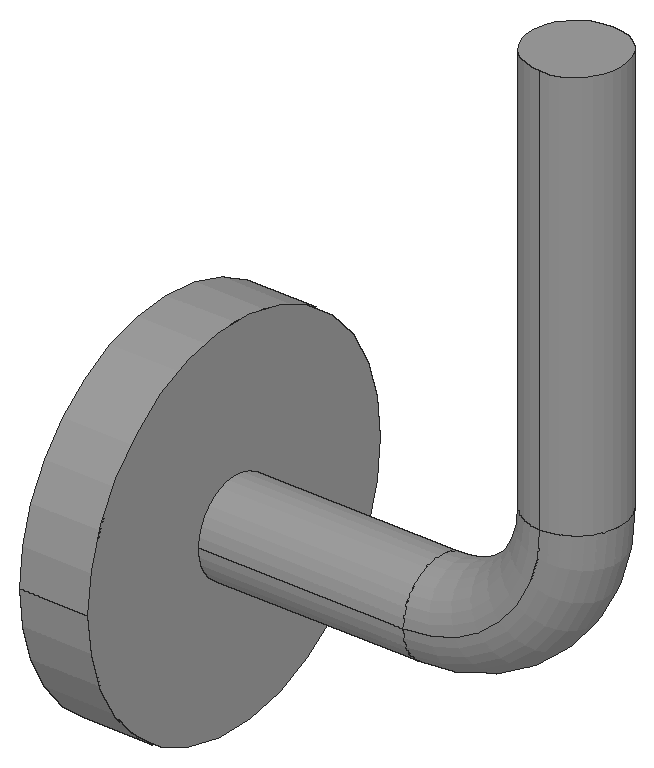
Revit family "Bracket", category Balusters, Revit 2024
Family settings
  Always vertical = Yes
  Cut with Voids When Loaded = No
  Shared = No
Parameters (values of type "Default")
  built-in parameter 1008623 [instance] = 32.47°
  built-in parameter 1008625 [instance] = (empty or 0)
  Post = no
  EA_Repath [instance] = 0' - 0"
  built-in parameter 1008624 [instance] = 32.47°
  Baluster Material = _Default - Metal
  built-in parameter 1008622 [instance] = 3' - 0"
Reference planes (in)
  plane 1 "Center (Front/Back)": y = 0
  plane 2: z = 0
  plane 3 "Top": z = 36
  plane 4 "Top Cut Angle": through (0, 16.30557, 25.62421) normal (0, -0.5369, -0.8437)
  plane 5 "Bottom Cut Angle": through (0, 0, 0) normal (0, -0.5369, -0.8437)
  plane 6: z = 35.25
  plane 7: x = -2.25
  plane 8: z = 33
  plane 9: z = 32.25
  plane 10: z = 42
  plane 11: y = 6.02475
  plane 12: y = -5.98503
  plane 13: x = 0
  plane 14: x = -1.875
  plane 15: x = 1
Forms (in)
  Extrusion 1, solid, material "_Default - Metal" <- "Baluster Material", detail levels medium+fine
    sketch origin (0, 0, 0) x (0, 1, 0) y (0, 0, 1)
      loop
        circle (0, 32.25) r 1
    from -2.25 to -1.875
  Sweep 2, solid, material "_Default - Metal" <- "Baluster Material", detail levels medium+fine
    path origin (-6.89398, 0, 0.19749) x (1, 0, 0) y (0, 0, 1)
      loop
        line (6.89398, 35.05251) -> (6.89398, 32.80251)
        arc (6.89398, 32.80251) -> (6.67431, 32.27218) -> (6.14398, 32.05251) r 0.75
        line (6.14398, 32.05251) -> (5.01898, 32.05251)
    profile origin (0, 0, 34.125) x (0, -1, 0) y (1, 0, 0)
      loop
        circle (0, 0) r 0.25
Text (in)
  text "Baluster Elevation" at (0, 56.5946, 48.5925), in view "Left"
Dimensions and locks (in)
  "built-in parameter 1008622": plane 2 to plane 3 "Top"
  locked: plane 3 "Top" to plane 6 at 0.75
  plane 9 to plane 8 to plane 3 "Top" = 0' - 0 3/4" locked, 0' - 3" locked
  locked: plane 3 "Top" to plane 10 at 6
  locked: plane 7 to plane 13 at 2.25
  locked: plane 7 to plane 14 at 0.375
  "built-in parameter 1008623": angle plane 3 "Top" to plane 4 "Top Cut Angle"
  "built-in parameter 1008624": angle level to plane 5 "Bottom Cut Angle"
  aligned and locked: plane 9 to Sweep 2 sketch curve
  aligned and locked: Extrusion 1 to plane 7
  aligned and locked: Sweep 2 sketch curve to plane 13
  aligned and locked: plane 6 to Sweep 2 sketch curve
Automatic sketch dimensions
  Extrusion 1 sketch curve to plane 1 "Center (Front/Back)" = 0' - 0"
  Extrusion 1 sketch curve to plane 9 = 0' - 0"
  Sweep 2 sketch curve to plane 1 "Center (Front/Back)" = 0' - 0"
  Sweep 2 sketch curve to profile plane = 0' - 0"
  Sweep 2 sketch curve to plane 14 = 0' - 0"
  Sweep 2 sketch curve to plane 8 = 0' - 0"
  radius of Extrusion 1 sketch curve = 0' - 1"
  radius of Sweep 2 sketch curve = 0' - 0 1/4"
